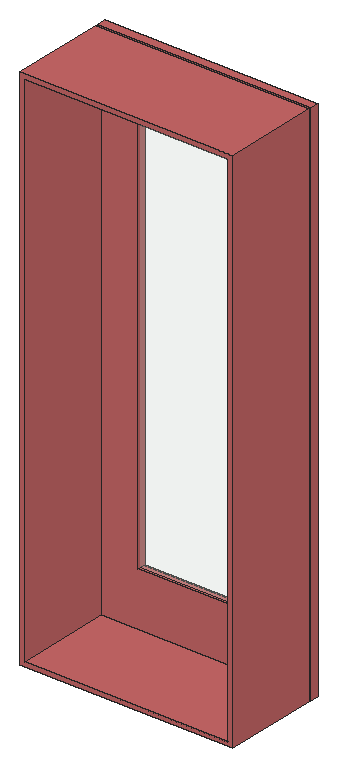
Revit family "PKNail Fire Extinguisher Cabinet", category Specialty Equipment, host Wall, Revit 2017
Family settings
  Host = Wall
  Round Connector Dimension = Use Diameter
  Part Type = Normal
  OmniClass Number = 23.65.70.17.11
  OmniClass Title = Fire Fighting Terminal Components
  Always vertical = Yes
  Cut with Voids When Loaded = No
  Shared = No
  Room Calculation Point = No
Parameters (values of type "Fire Extinguisher Cabinet")
  PKNail Family Measure Location Centered = yes
  PKNail Family Fixed Dimensions = "Width:Height:Depth"
  Assembly Code = "D4030200"
  Depth = 152.00 mm
  Glass Pane Material = Glass
  Height = 762.00 mm
  Width = 305.00 mm
Reference planes
  plane 1: y = 0
  plane 2 "Center": x = -109.648
  plane 3: x = 42.852
  plane 4: x = -262.148
  plane 5: z = 1676.4
  plane 6: x = -14.298
  plane 7: x = -204.998
  plane 8: z = 914.4
  plane 9: y = 228.2
  plane 10: y = 76.2
  plane 11: y = 212.325
  plane 12: z = 1295.4
Forms (mm)
  Extrusion 1, solid, material "Painted Metal - Red"
    sketch origin (0, 228.2, 0) x (0, 0, -1) y (-1, 0, 0)
      loop
        line (-1676.4, -42.852) -> (-914.4, -42.852) -> (-914.4, 262.148) -> (-1676.4, 262.148) -> (-1676.4, -42.852)
      loop
        line (-1593.85, 14.298) -> (-996.95, 14.298) -> (-996.95, 204.998) -> (-1593.85, 204.998) -> (-1593.85, 14.298)
    from 0 to -12.7
  Extrusion 2, solid, material "Glass" <- "Glass Pane Material"
    sketch origin (0, 228.2, 0) x (0, 0, -1) y (-1, 0, 0)
      loop
        line (-1593.85, 14.298) -> (-996.95, 14.298) -> (-996.95, 204.998) -> (-1593.85, 204.998) -> (-1593.85, 14.298)
    from -3.175 to -9.525
  Extrusion 3, solid, material "Painted Metal - Red"
    sketch origin (0, 76.2, 0) x (0, 0, -1) y (-1, 0, 0)
      loop
        line (-1676.4, -42.852) -> (-914.4, -42.852) -> (-914.4, 262.148) -> (-1676.4, 262.148) -> (-1676.4, -42.852)
      loop
        line (-1670.05, -36.502) -> (-920.75, -36.502) -> (-920.75, 255.798) -> (-1670.05, 255.798) -> (-1670.05, -36.502)
    from 0 to 136.125
Lines and regions (mm)
  symbolic lines
    curve 1: line (-262.148, 212.325, 0) -> (42.852, 212.325, 0)
    curve 2: line (-262.148, 225.025, 0) -> (42.852, 225.025, 0)
    curve 3: line (-262.148, 76.2, 0) -> (-262.148, 225.025, 0)
    curve 4: line (42.852, 76.2, 0) -> (-262.148, 76.2, 0)
    curve 5: line (42.852, 225.025, 0) -> (42.852, 76.2, 0)
Text (mm)
  text "Front" at (0, 1019.848, 3124.603), in view "Right"
  text "Front" at (-811.708, 356.143, 0), in view "Ref. Level"
  text "Front" at (0, 983.686, 2161.059), in view "Left"
Dimensions and locks
  "Width": plane 3 to plane 4
  equal spacing: plane 3, plane 2 "Center", plane 4
  locked: plane 3 to plane 6 at 57.15
  locked: plane 7 to plane 4 at 57.15
  "Height": plane 8 to plane 5
  "Depth": plane 9 to plane 10
  locked: plane 9 to plane 11 at 15.875
  equal spacing: plane 8, plane 12, plane 5
  aligned and locked: host wall to curve 4
  aligned and locked: host wall to plane 10
  aligned and locked: plane 11 to Extrusion 3
Automatic sketch dimensions
  curve 3 to plane 4 = 0.00 mm
  curve 1 to plane 4 = 0.00 mm
  curve 4 to plane 3 = 0.00 mm
  curve 1 to plane 3 = 0.00 mm
  curve 1 to curve 2 = 12.70 mm
  Extrusion 1 sketch curve to plane 4 = 0.00 mm
  Extrusion 1 sketch curve to plane 5 = 0.00 mm
  Extrusion 1 sketch curve to plane 6 = 0.00 mm
  Extrusion 1 sketch curve to plane 7 = 0.00 mm
  Extrusion 1 sketch curve to plane 8 = 0.00 mm
  Extrusion 1 sketch curve to plane 3 = 0.00 mm
  plane 5 to Extrusion 1 sketch curve = 82.55 mm
  Extrusion 1 sketch curve to plane 8 = 82.55 mm
  Extrusion 2 sketch curve to plane 7 = 0.00 mm
  Extrusion 2 sketch curve to plane 6 = 0.00 mm
  plane 5 to Extrusion 2 sketch curve = 82.55 mm
  Extrusion 2 sketch curve to plane 8 = 82.55 mm
  curve 1 to plane 11 = 0.00 mm
  Extrusion 3 sketch curve to plane 4 = 0.00 mm
  Extrusion 3 sketch curve to plane 5 = 0.00 mm
  Extrusion 3 sketch curve to plane 8 = 0.00 mm
  Extrusion 3 sketch curve to plane 3 = 0.00 mm
  plane 5 to Extrusion 3 sketch curve = 6.35 mm
  Extrusion 3 sketch curve to plane 8 = 6.35 mm
  Extrusion 3 sketch curve to plane 3 = 6.35 mm
  plane 4 to Extrusion 3 sketch curve = 6.35 mm
